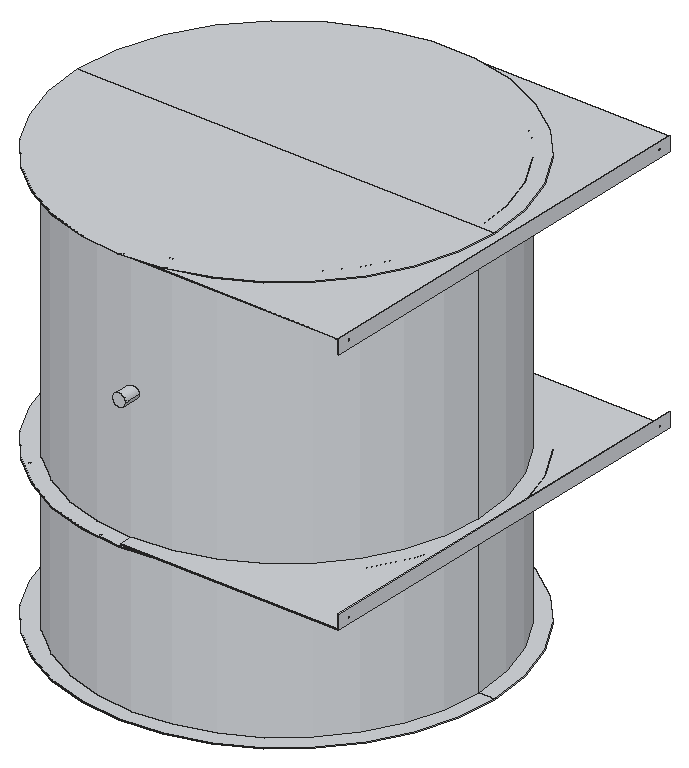
Revit family "AFDV-C_Vertical_Wall_Mount", category Mechanical Equipment, Revit 2019
Family settings
  Round Connector Dimension = Use Radius
  Part Type = Normal
  Work Plane-Based = No
  Always vertical = Yes
  Cut with Voids When Loaded = No
  Shared = No
  Room Calculation Point = No
Parameters (values of type "60_AFDV-C_VERT_WALL")
  VANE = 2' - 1"
  Unit Weight [instance] = ""
  P/2 = P / 2  # 0' - 0 9/32"
  P = 0' - 0 9/16"  # constant formula
  N = 2' - 7 1/16"
  ModelID [instance] = ""
  M/2 = M / 2  # 2' - 9 1/16"
  M = 5' - 6 1/8"
  L = 0' - 1 1/8"
  K/2 = K / 2  # 1' - 7 7/8"
  K = 3' - 3 3/4"
  J-.125" = J - 0' 0 1/8"  # 2' - 10 3/4"
  J-(C/2) = J - (C / 2)  # 0' - 3 1/16"
  J = 2' - 10 7/8"
  H-(A/2) = H - (A / 2)  # 2' - 0 1/16"
  H+J = H + J  # 7' - 5 5/8"
  H = 4' - 6 3/4"
  Sones [instance] = ""
  Motor RPM [instance] = ""
  Motor Enclosure [instance] = ""
  LwA [instance] = ""
  G = 12' - 0"
  Fan RPM [instance] = ""
  F/2 = F / 2  # 0' - 1 1/2"
  F = 0' - 3"
  E/2 = E / 2  # 1' - 9"
  E-2" = -(E - 0' 2")  # -3' - 4"
  E = 3' - 6"
  C/2+J = C / 2 + J  # 5' - 6 11/16"
  C/2 = C / 2  # 2' - 7 13/16"
  C = 5' - 3 5/8"
  B/2 = B / 2  # 2' - 9 3/8"
  B = 5' - 6 3/4"
  Accessories [instance] = ""
  A/3 = A / 2.5  # 2' - 0.55"
  A/2 = A / 2  # 2' - 6 11/16"
  A = 5' - 1 3/8"
  60 = 60.00°  # constant formula
  30 = 30.00°  # constant formula
  3" = 0' - 3"  # constant formula
  Brake Hp [instance] = ""
  4" = 0' - 4"  # constant formula
  2L = 2 * L  # 0' - 2 1/4"
  2' = 2' - 0"
  2" = 0' - 2"  # constant formula
  1" = 0' - 1"  # constant formula
  0 = 0' - 0"  # constant formula
  Voltage [instance] = 0 V
  URL = "www.lorencook.com"
  Type Comments = "Tube Axial Fan Vertical Wall Mount Direct Drive Arrangement 4"  # constant formula
  Static Pressure [instance] = 0.00 in-wg
  Power [instance] = Voltage * Motor FLA * sqrt(if(Phase = 3, 3, 1))  # 0 VA
  Phase [instance] = 0
  Number of Poles [instance] = 1
  Motor Hp [instance] = "0"
  Motor FLA [instance] = 0 A
  Model = "AFDV-C"  # constant formula
  Manufacturer = "Loren Cook Company"
  CFM [instance] = 0 CFM
  1.5 = 0' - 1 1/2"  # constant formula
  ONE EIGTH = 0' - 0 1/8"  # constant formula
  -E/2 = -E / 2  # -1' - 9"
  -(E-.25")/2 = -(E - 0' 0 1/4") / 2  # -1' - 8 7/8"
  (H-(A/2))/2 = (H - (A / 2)) / 2  # 1' - 0 1/32"
  (E-.25")/2 = (E - 0' 0 1/4") / 2  # 1' - 8 7/8"
  (A+.25")/2 = (A + 0' 0 1/4") / 2  # 2' - 6 13/16"
Types (12): name | VANE | N | M/2 | M | L | K/2 | K | J-.125" | J-(C/2) | J | H-(A/2) | H+J | H | G | F/2 | F | E/2 | E-2" | E | C/2+J | C/2 | C | B/2 | B | A/3 | A/2 | A | 2L | -E/2 | -(E-.25")/2 | (H-(A/2))/2 | (E-.25")/2 | (A+.25")/2
  (no name) | 2' - 1" | 2' - 7 1/16" | 2' - 9 1/16" | 5' - 6 1/8" | 0' - 1 1/8" | 1' - 7 7/8" | 3' - 3 3/4" | 2' - 10 3/4" | 0' - 3 1/16" | 2' - 10 7/8" | 2' - 0 1/16" | 7' - 5 5/8" | 4' - 6 3/4" | 12' - 0" | 0' - 1 1/2" | 0' - 3" | 1' - 9" | -3' - 4" | 3' - 6" | 5' - 6 11/16" | 2' - 7 13/16" | 5' - 3 5/8" | 2' - 9 3/8" | 5' - 6 3/4" | 2' - 0.55" | 2' - 6 11/16" | 5' - 1 3/8" | 0' - 2 1/4" | -1' - 9" | -1' - 8 7/8" | 1' - 0 1/32" | 1' - 8 7/8" | 2' - 6 13/16"
  12_AFDV-C_VERT_WALL | 0' - 6" | 0' - 6" | 0' - 8" | 1' - 4" | 0' - 0 15/16" | 0' - 10 1/16" | 1' - 8 1/8" | 0' - 9 5/8" | 0' - 2 7/16" | 0' - 9 3/4" | 1' - 6 3/16" | 2' - 10 3/8" | 2' - 0 5/8" | 6' - 0" | 0' - 0 5/32" | 0' - 0 5/16" | 0' - 11" | -1' - 8" | 1' - 10" | 1' - 5 1/16" | 0' - 7 5/16" | 1' - 2 5/8" | 0' - 7 13/16" | 1' - 3 5/8" | 0' - 5.15" | 0' - 6 7/16" | 1' - 0 7/8" | 0' - 1 7/8" | -0' - 11" | -0' - 10 7/8" | 0' - 9 3/32" | 0' - 10 7/8" | 0' - 6 9/16"
  16_AFDV-C_VERT_WALL | 0' - 10" | 0' - 8" | 0' - 10" | 1' - 8" | 0' - 0 15/16" | 0' - 11 9/16" | 1' - 11 1/8" | 0' - 11 5/8" | 0' - 2 7/16" | 0' - 11 3/4" | 1' - 9 11/16" | 3' - 5 7/8" | 2' - 6 1/8" | 6' - 0" | 0' - 0 5/32" | 0' - 0 5/16" | 1' - 0 1/2" | -1' - 11" | 2' - 1" | 1' - 9 1/16" | 0' - 9 5/16" | 1' - 6 5/8" | 0' - 9 13/16" | 1' - 7 5/8" | 0' - 6 3/4" | 0' - 8 7/16" | 1' - 4 7/8" | 0' - 1 7/8" | -1' - 0 1/2" | -1' - 0 3/8" | 0' - 10 27/32" | 1' - 0 3/8" | 0' - 8 9/16"
  24_AFDV-C_VERT_WALL | 1' - 1" | 1' - 0 1/4" | 1' - 2 1/4" | 2' - 4 1/2" | 0' - 0 15/16" | 1' - 2 9/16" | 2' - 5 1/8" | 1' - 3 7/8" | 0' - 2 9/16" | 1' - 4" | 2' - 3 7/16" | 4' - 7 7/8" | 3' - 3 7/8" | 6' - 0" | 0' - 0 7/32" | 0' - 0 7/16" | 1' - 3 1/2" | -2' - 5" | 2' - 7" | 2' - 5 7/16" | 1' - 1 7/16" | 2' - 2 7/8" | 1' - 2 9/16" | 2' - 5 1/8" | 0' - 9.95" | 1' - 0 7/16" | 2' - 0 7/8" | 0' - 1 7/8" | -1' - 3 1/2" | -1' - 3 3/8" | 1' - 1 23/32" | 1' - 3 3/8" | 1' - 0 9/16"
  28_AFDV-C_VERT_WALL | 1' - 1" | 1' - 2 1/4" | 1' - 4 1/4" | 2' - 8 1/2" | 0' - 0 15/16" | 1' - 2 9/16" | 2' - 5 1/8" | 1' - 5 7/8" | 0' - 2 9/16" | 1' - 6" | 2' - 3 7/16" | 4' - 11 7/8" | 3' - 5 7/8" | 6' - 0" | 0' - 0 7/32" | 0' - 0 7/16" | 1' - 3 1/2" | -2' - 5" | 2' - 7" | 2' - 9 7/16" | 1' - 3 7/16" | 2' - 6 7/8" | 1' - 4 9/16" | 2' - 9 1/8" | 0' - 11.55" | 1' - 2 7/16" | 2' - 4 7/8" | 0' - 1 7/8" | -1' - 3 1/2" | -1' - 3 3/8" | 1' - 1 23/32" | 1' - 3 3/8" | 1' - 2 9/16"
  32_AFDV-C_VERT_WALL | 1' - 3" | 1' - 4 5/16" | 1' - 6 5/16" | 3' - 0 5/8" | 0' - 0 15/16" | 1' - 4 1/16" | 2' - 8 1/8" | 1' - 8" | 0' - 2 5/8" | 1' - 8 1/8" | 2' - 4 3/4" | 5' - 5 3/8" | 3' - 9 1/4" | 6' - 0" | 0' - 0 7/32" | 0' - 0 7/16" | 1' - 5" | -2' - 8" | 2' - 10" | 3' - 1 5/8" | 1' - 5 1/2" | 2' - 11" | 1' - 6 5/8" | 3' - 1 1/4" | 1' - 1.2" | 1' - 4 1/2" | 2' - 9" | 0' - 1 7/8" | -1' - 5" | -1' - 4 7/8" | 1' - 2 3/8" | 1' - 4 7/8" | 1' - 4 5/8"
  36_AFDV-C_VERT_WALL | 1' - 4" | 1' - 6 5/16" | 1' - 8 5/16" | 3' - 4 5/8" | 0' - 0 15/16" | 1' - 4 1/16" | 2' - 8 1/8" | 1' - 10" | 0' - 2 5/8" | 1' - 10 1/8" | 2' - 4 3/4" | 5' - 9 3/8" | 3' - 11 1/4" | 6' - 0" | 0' - 0 7/32" | 0' - 0 7/16" | 1' - 5" | -2' - 8" | 2' - 10" | 3' - 5 5/8" | 1' - 7 1/2" | 3' - 3" | 1' - 8 11/16" | 3' - 5 3/8" | 1' - 2.8" | 1' - 6 1/2" | 3' - 1" | 0' - 1 7/8" | -1' - 5" | -1' - 4 7/8" | 1' - 2 3/8" | 1' - 4 7/8" | 1' - 6 5/8"
  44_AFDV-C_VERT_WALL | 1' - 7" | 1' - 10 3/8" | 2' - 0 3/8" | 4' - 0 3/4" | 0' - 1" | 1' - 8" | 3' - 4" | 2' - 2" | 0' - 2 3/8" | 2' - 2 1/8" | 3' - 0 1/4" | 7' - 0 7/8" | 4' - 10 3/4" | 12' - 0" | 0' - 0 7/32" | 0' - 0 7/16" | 1' - 9" | -3' - 4" | 3' - 6" | 4' - 1 7/8" | 1' - 11 3/4" | 3' - 11 1/2" | 2' - 0 11/16" | 4' - 1 3/8" | 1' - 6" | 1' - 10 1/2" | 3' - 9" | 0' - 2" | -1' - 9" | -1' - 8 7/8" | 1' - 6 1/8" | 1' - 8 7/8" | 1' - 10 5/8"
  48_AFDV-C_VERT_WALL | 1' - 10" | 2' - 0 15/16" | 2' - 2 15/16" | 4' - 5 7/8" | 0' - 1" | 1' - 8" | 3' - 4" | 2' - 4 5/8" | 0' - 2 15/16" | 2' - 4 3/4" | 3' - 0 3/16" | 7' - 5 1/2" | 5' - 0 3/4" | 12' - 0" | 0' - 0 7/32" | 0' - 0 7/16" | 1' - 9" | -3' - 4" | 3' - 6" | 4' - 6 9/16" | 2' - 1 13/16" | 4' - 3 5/8" | 2' - 2 3/4" | 4' - 5 1/2" | 1' - 7.65" | 2' - 0 9/16" | 4' - 1 1/8" | 0' - 2" | -1' - 9" | -1' - 8 7/8" | 1' - 6 3/32" | 1' - 8 7/8" | 2' - 0 11/16"
  54_AFDV-C_VERT_WALL | 1' - 11" | 2' - 4 1/16" | 2' - 6 1/16" | 5' - 0 1/8" | 0' - 1 1/8" | 1' - 7 7/8" | 3' - 3 3/4" | 2' - 7 3/4" | 0' - 3 1/16" | 2' - 7 7/8" | 2' - 0 1/16" | 6' - 11 5/8" | 4' - 3 3/4" | 12' - 0" | 0' - 0 7/32" | 0' - 0 7/16" | 1' - 9" | -3' - 4" | 3' - 6" | 5' - 0 11/16" | 2' - 4 13/16" | 4' - 9 5/8" | 2' - 6 3/8" | 5' - 0 3/4" | 1' - 10.15" | 2' - 3 11/16" | 4' - 7 3/8" | 0' - 2 1/4" | -1' - 9" | -1' - 8 7/8" | 1' - 0 1/32" | 1' - 8 7/8" | 2' - 3 13/16"
  60_AFDV-C_VERT_WALL | 2' - 1" | 2' - 7 1/16" | 2' - 9 1/16" | 5' - 6 1/8" | 0' - 1 1/8" | 1' - 7 7/8" | 3' - 3 3/4" | 2' - 10 3/4" | 0' - 3 1/16" | 2' - 10 7/8" | 2' - 0 1/16" | 7' - 5 5/8" | 4' - 6 3/4" | 12' - 0" | 0' - 1 1/2" | 0' - 3" | 1' - 9" | -3' - 4" | 3' - 6" | 5' - 6 11/16" | 2' - 7 13/16" | 5' - 3 5/8" | 2' - 9 3/8" | 5' - 6 3/4" | 2' - 0.55" | 2' - 6 11/16" | 5' - 1 3/8" | 0' - 2 1/4" | -1' - 9" | -1' - 8 7/8" | 1' - 0 1/32" | 1' - 8 7/8" | 2' - 6 13/16"
  18_AFDV-C_VERT_WALL | 0' - 11" | 0' - 9" | 0' - 11" | 1' - 10" | 0' - 0 15/16" | 0' - 11 9/16" | 1' - 11 1/8" | 1' - 0 5/8" | 0' - 2 7/16" | 1' - 0 3/4" | 1' - 9 11/16" | 3' - 7 7/8" | 2' - 7 1/8" | 6' - 0" | 0' - 0 5/32" | 0' - 0 5/16" | 1' - 0 1/2" | -1' - 11" | 2' - 1" | 1' - 11 1/16" | 0' - 10 5/16" | 1' - 8 5/8" | 0' - 10 13/16" | 1' - 9 5/8" | 0' - 7.55" | 0' - 9 7/16" | 1' - 6 7/8" | 0' - 1 7/8" | -1' - 0 1/2" | -1' - 0 3/8" | 0' - 10 27/32" | 1' - 0 3/8" | 0' - 9 9/16"
Reference planes (in)
  plane 1 "Center (Front/Back)": y = 0
  plane 2: z = 0
  plane 3 "Center (Left/Right)": x = 0.40541
Forms (in)
  Revolve 1, solid
    sketch origin (0, 0, 0) x (1, 0, 0) y (0, 0, 1)
      loop
        line (0.40541, -21) -> (33.78041, -21) -> (33.78041, -20.875) -> (31.21791, -20.875) -> (31.21791, 20.875) -> (33.78041, 20.875) -> (33.78041, 21) -> (0.40541, 21) -> (0.40541, -21)
      axis (0.40541, 21) -> (0.40541, -21)
    angle from 0 to 360
  Extrusion 2, solid
    sketch origin (0.40541, 0, 0) x (0, 1, 0) y (0, 0, 1)
      loop
        line (-33.0625, 20.875) -> (-33.0625, 18.625) -> (33.0625, 18.625) -> (33.0625, 20.875) -> (-33.0625, 20.875)
      loop
        line (33.0625, -18.625) -> (-33.0625, -18.625) -> (-33.0625, -20.875) -> (33.0625, -20.875) -> (33.0625, -18.625)
      loop
        circle (-31.0625, 19.875) r 0.28125
      loop
        circle (31.0625, 19.875) r 0.28125
      loop
        circle (31.0625, -19.875) r 0.28125
      loop
        circle (-31.0625, -19.875) r 0.28125
    from 34.875 <- "J" to 34.75 <- "J-.125""
  Extrusion 3, solid
    sketch origin (0.40541, -33.0625, 20.875) x (0, 1, 0) y (-1, 0, 0)
      loop
        line (0, -34.75) -> (66.125, -34.75) -> (66.125, 0) -> (63.875, 0)
        arc (63.875, 0) -> (33.0625, -30.8125) -> (2.25, 0) r 30.8125
        line (2.25, 0) -> (0, 0) -> (0, -34.75)
    from 0 to -0.125
  Extrusion 4, solid
    sketch origin (0.40541, -33.0625, -20.875) x (1, 0, 0) y (0, -1, 0)
      loop
        line (0, -63.875) -> (0, -66.125) -> (34.75, -66.125) -> (34.75, 0) -> (0, 0) -> (0, -2.25)
        arc (0, -2.25) -> (30.8125, -33.0625) -> (0, -63.875) r 30.8125
    from 0 to -0.125
  Extrusion 5, solid
    sketch origin (0, 0, 0) x (1, 0, 0) y (0, 0, 1)
      loop
        circle (0.40541, 0) r 1
    from 0 to 33.375 <- "B/2"
  Revolve 6, solid
    sketch origin (0, 0, 0) x (1, 0, 0) y (0, 0, 1)
      loop
        line (-32.96959, -20.875) -> (-32.96959, -21) -> (-30.40709, -21) -> (-30.40709, -45.75) -> (-32.96959, -45.75) -> (-32.96959, -45.875) -> (-30.28209, -45.875) -> (-30.28209, -20.875) -> (-32.96959, -20.875)
      axis (0.40541, -20.875) -> (0.40541, -45.875)
    angle from 0 to 360
Dimensions and locks (in)
  "0": Revolve 1 sketch curve to plane 3 "Center (Left/Right)"  (x2)
  "E/2": Revolve 1 sketch curve to level
  "ONE EIGTH": Revolve 1 sketch curve to Revolve 1 sketch curve  (x2)
  "(A+.25")/2": Revolve 1 sketch curve to Revolve 1 sketch curve
  "B/2": Revolve 1 sketch curve to Revolve 1 sketch curve
  "E": Revolve 1 sketch curve to Revolve 1 sketch curve
  "B/2": Revolve 1 sketch curve to plane 3 "Center (Left/Right)"
  "0": Revolve 1 to Extrusion 2 sketch curve  (x2)
  "M/2": Extrusion 2 sketch curve to plane 1 "Center (Front/Back)"
  "M/2": plane 1 "Center (Front/Back)" to Extrusion 2 sketch curve
  "0": Extrusion 2 sketch curve to Extrusion 2 sketch curve  (x2)
  "2L": Revolve 1 to Extrusion 2 sketch curve
  "2L": Extrusion 2 sketch curve to Revolve 1
  "N": Extrusion 2 sketch curve to plane 1 "Center (Front/Back)"  (x4)
  "K/2": Extrusion 2 sketch curve to level  (x4)
  "0": Extrusion 3 sketch curve to plane 3 "Center (Left/Right)"  (x3)
  "0": Extrusion 3 sketch curve to plane 1 "Center (Front/Back)"
  "0": Extrusion 3 sketch curve to Extrusion 2  (x2)
  "0": Extrusion 2 to Extrusion 3 sketch curve
  "0": Extrusion 4 sketch curve to plane 3 "Center (Left/Right)"  (x3)
  "0": Extrusion 4 sketch curve to Extrusion 3  (x3)
  "0": Extrusion 4 sketch curve to plane 1 "Center (Front/Back)"
  "0": Extrusion 5 sketch curve to plane 3 "Center (Left/Right)"
  "0": Extrusion 5 sketch curve to level
  "0": Revolve 6 sketch curve to plane 3 "Center (Left/Right)"
  "(A+.25")/2": plane 3 "Center (Left/Right)" to Revolve 6 sketch curve
  "B/2": plane 3 "Center (Left/Right)" to Revolve 6 sketch curve  (x2)
  "VANE": Revolve 6 sketch curve to Revolve 6 sketch curve
  "0": Revolve 1 to Revolve 6 sketch curve
  "ONE EIGTH": Revolve 6 sketch curve to Revolve 6 sketch curve  (x3)
  "P/2": radius of Extrusion 2 sketch curve  (x4)
  "(A+.25")/2": radius of Extrusion 3 sketch curve
  "(A+.25")/2": radius of Extrusion 4 sketch curve
  "1"": radius of Extrusion 5 sketch curve
Automatic sketch dimensions
  Revolve 1 sketch curve to level = 0' - 0"
  Revolve 1 sketch curve to Revolve 1 sketch curve = 0' - 2"
  Revolve 6 sketch curve to Revolve 6 sketch curve = 0' - 10"
  Revolve 6 sketch curve to Revolve 6 sketch curve = 1' - 7"
Connectors (in)
  hvac at (0.40541, 0, 21), driven by "A/2"
    settings: on Revolve 1, index 2, duct flow 0 CFM, flow factor 0, pres drop 0.00 in-wg, loss coef 0, conn angle 0.00°, conn width 12", conn height 12", conn diameter 61 3/8", duct sys type 29, conn prof type 0, flow config 0, flow direction 1, loss method 0, conn ref index -1, conn util no, is conn primary yes, conn desc ""
  electrical at (0.40541, -33.375, 0)
    settings: on Extrusion 5, index 3, voltage 0 V, apparent load 0 VA, apparent load phase1 0 VA, apparent load phase2 0 VA, apparent load phase3 0 VA, power factor 1, load classification "Other", number of poles 1, system type 30, power factor state 1, is connector primary yes, connector utility no, sub classification motor no, connector description ""
  hvac at (0.40541, 0, -45.875), driven by "A/2"
    settings: on Revolve 6, index 4, duct flow 0 CFM, flow factor 0, pres drop 0.00 in-wg, loss coef 0, conn angle 0.00°, conn width 12", conn height 12", conn diameter 61 3/8", duct sys type 29, conn prof type 0, flow config 0, flow direction 2, loss method 0, conn ref index -1, conn util no, is conn primary no, conn desc ""
